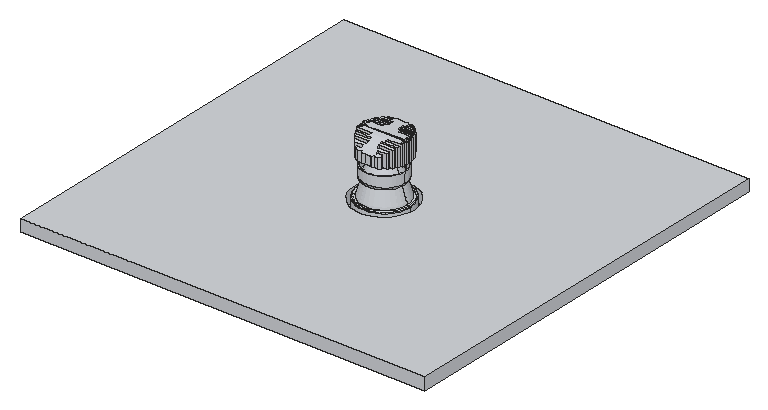
Revit family "VP-X100", category Lighting Fixtures, Revit 2014
Parameters (values of type "VP X100")
  Wattage Comments = "19.5"
  Wattage = 8.3 W
  built-in parameter 1150110 = 1 (stored number, unit not read)
  Type Comments = "Recessed"
  Type = "VP X100"
  built-in parameter 1114217 = 1 (stored number, unit not read)
  Tilt Angle = 90.00°
  built-in parameter 1150109 = 1 (stored number, unit not read)
  built-in parameter 1150134 = (empty or 0)
  built-in parameter 1150113 = 1 (stored number, unit not read)
  Photometric Web File = "C2808-XTM.ies"
  O/A Diameter (mm) = "100"
  Model = "VP X100"
  Manufacturer = "Designed Architectural Lighting"
  Luminous flux of luminaire (lm) = "Up to 2000 lumens"
  Lumens = 1049.95 lm
  built-in parameter 1150115 = 1 (stored number, unit not read)
  built-in parameter 1150105 = 83.552 (stored number, unit not read)
  built-in parameter 1150137 = (empty or 0)
  built-in parameter 1150139 = (empty or 0)
  built-in parameter 1150112 = 1 (stored number, unit not read)
  built-in parameter 1150114 = 1 (stored number, unit not read)
  Lamp = "LED"
  built-in parameter 1150132 = (empty or 0)
  built-in parameter 1150102 = (empty or 0)
  built-in parameter 1150138 = (empty or 0)
  built-in parameter 1150107 = 3000 (stored number, unit not read)
  built-in parameter 1150106 = 0.83552 (stored number, unit not read)
  Height (mm) = "112"
  built-in parameter 1150104 = 11.752 (stored number, unit not read)
  Dimming Lamp Color Temperature Shift = <None>
  Description = "Recessed LED downlighter"
  Cut Out (mm) = "90"
  Colour temperature (K) = "2700 / 3500 / 3000 / 4000"
  Color Filter = 16777215
  CRI = "80"
  built-in parameter 1114218 = 1 (stored number, unit not read)
  built-in parameter 1150133 = 10 (stored number, unit not read)
  Apparent Load = 19.5 VA
  Aperture (mm) = "68"
Reference planes
  plane 1 "Light Source Axis (F/B)": y = 0
  plane 2: z = 0
  plane 3 "Light Source Axis (L/R)": x = 0
  plane 4 "Light Source Elevation": z = 0
Forms (mm)
  Extrusion 1, solid
    sketch origin (-38.915, -66.181, 0) x (1, 0, 0) y (0, 1, 0)
      loop
        line (-261.085, 366.181) -> (-261.085, -233.819) -> (338.915, -233.819) -> (338.915, 366.181) -> (-261.085, 366.181)
      loop
        circle (38.915, 66.181) r 45
    from 0 to 18
  Extrusion 2, solid
    sketch origin (-134.655, 0, 0) x (1, 0, 0) y (0, 1, 0)
      loop
        line (137.741, 33.016) -> (133.896, 33.016) -> (128.121, 33.016) -> (126.853, 31.748) -> (121.853, 31.748) -> (117.155, 30.037) -> (117.155, 29.216) -> (124.321, 29.216) -> (124.321, 26.255) -> (112.585, 26.255) -> (110.97, 24.64) -> (110.97, 23.63) -> (128.13, 23.63) -> (128.13, 20.669) -> (107.74, 20.669) -> (106.495, 19.424) -> (106.495, 18.381) -> (128.13, 18.381) -> (128.13, 15.488) -> (104.981, 15.488) -> (104.106, 15.488) -> (104.106, 12.46) -> (123.689, 12.46) -> (123.689, 9.633) -> (102.761, 9.633) -> (101.818, 9.633) -> (101.818, 7.413) -> (106.495, 7.413) -> (106.495, 4.25) -> (100.944, 4.25) -> (100.944, 1.424) -> (105.944, 1.424) -> (105.944, -1.604) -> (100.944, -1.604) -> (100.944, -3.997) -> (105.944, -3.997) -> (105.944, -7.272) -> (101.818, -7.272) -> (101.818, -9.508) -> (123.689, -9.508) -> (123.689, -13.008) -> (104.106, -13.008) -> (104.106, -15.296) -> (128.13, -15.296) -> (128.13, -18.189) -> (106.495, -18.189) -> (106.495, -19.23) -> (108.15, -20.885) -> (128.13, -20.885) -> (128.13, -23.693) -> (110.958, -23.693) -> (110.958, -24.678) -> (112.459, -26.178) -> (125.077, -26.178) -> (125.077, -29.146) -> (117.128, -29.146) -> (117.128, -30.167) -> (120.985, -31.965) -> (127.151, -31.965) -> (128.408, -33.223) -> (132.466, -33.223) -> (139.171, -33.223) -> (143.228, -33.223) -> (144.486, -31.965) -> (150.652, -31.965) -> (154.509, -30.167) -> (154.509, -29.146) -> (146.56, -29.146) -> (146.56, -26.178) -> (159.178, -26.178) -> (160.679, -24.678) -> (160.679, -23.693) -> (143.507, -23.693) -> (143.507, -20.885) -> (163.487, -20.885) -> (165.142, -19.23) -> (165.142, -18.189) -> (143.507, -18.189) -> (143.507, -15.296) -> (167.53, -15.296) -> (167.53, -13.008) -> (147.948, -13.008) -> (147.948, -9.508) -> (169.818, -9.508) -> (169.818, -7.272) -> (165.693, -7.272) -> (165.693, -3.997) -> (170.693, -3.997) -> (170.693, -1.604) -> (165.693, -1.604) -> (165.693, 1.424) -> (170.693, 1.424) -> (170.693, 4.25) -> (165.142, 4.25) -> (165.142, 7.413) -> (169.818, 7.413) -> (169.818, 9.633) -> (168.876, 9.633) -> (147.948, 9.633) -> (147.948, 12.46) -> (167.53, 12.46) -> (167.53, 15.488) -> (166.656, 15.488) -> (143.507, 15.488) -> (143.507, 18.381) -> (165.142, 18.381) -> (165.142, 19.424) -> (163.897, 20.669) -> (143.507, 20.669) -> (143.507, 23.63) -> (160.667, 23.63) -> (160.667, 24.64) -> (159.052, 26.255) -> (147.316, 26.255) -> (147.316, 29.216) -> (154.482, 29.216) -> (154.482, 30.037) -> (149.784, 31.748) -> (144.784, 31.748) -> (143.515, 33.016) -> (137.741, 33.016)
    from 77.326 to 107.076
  Extrusion 3, void
    sketch origin (0, 0, 42.072) x (0, 1, 0) y (0, 0, 1)
      loop
        line (-1.593, 64.492) -> (-1.593, 65.51) -> (-35.799, 65.51) -> (-35.799, 45.51)
        arc (-35.799, 45.51) -> (-20.941, 59.046) -> (-1.593, 64.492) r 43.666
    from -36.333 to 39.554
  Extrusion 4, void
    sketch origin (0, 0, 38.92) x (0, 1, 0) y (0, 0, 1)
      loop
        line (33.846, 38.172) -> (33.846, 50.633) -> (31.273, 49.433)
        arc (31.273, 49.433) -> (28.183, 45.18) -> (23.183, 43.555) r 8.507
        line (23.183, 43.555) -> (15.488, 43.555) -> (15.488, 38.172) -> (33.846, 38.172)
    from -36.333 to 36.038
  Revolve 5, solid
    sketch origin (0, 0, 0) x (1, 0, 0) y (0, 0, 1)
      loop
        line (26.682, 54.259) -> (25.195, 54.259)
        arc (25.195, 54.259) -> (18.476, 67.342) -> (14.221, 81.42) r 81.42
        line (14.221, 81.42) -> (11.905, 81.42)
        arc (11.905, 81.42) -> (16.613, 66.256) -> (24.251, 52.335) r 79.227
        line (24.251, 52.335) -> (26.682, 52.335) -> (26.682, 54.259)
      axis (0, 52.335) -> (0, 81.42)
    angle from 0 to 360
  Revolve 6, solid
    sketch origin (0, 0, 0) x (1, 0, 0) y (0, 0, 1)
      loop
        line (31.117, 64.48) -> (29.993, 64.48) -> (29.993, 48.893) -> (25.796, 48.893) -> (24.978, 48.075) -> (24.978, 47.173)
        arc (24.978, 47.173) -> (32.026, 23.143) -> (36.226, -1.545) r 214.561
        line (36.226, -1.545) -> (40.749, -1.545) -> (40.749, -0.509) -> (37.173, -0.509)
        arc (37.173, -0.509) -> (33.098, 23.845) -> (26.084, 47.52) r 202.113
        line (26.084, 47.52) -> (30.394, 47.52)
        arc (30.394, 47.52) -> (30.983, 48.431) -> (31.117, 49.508) r 2.424
        line (31.117, 49.508) -> (31.117, 64.48)
      axis (0, 64.48) -> (0, -1.545)
    angle from 0 to 360
  Revolve 7, solid
    sketch origin (0, 0, 0) x (1, 0, 0) y (0, 0, 1)
      loop
        line (50.319, 0) -> (42.596, 0) -> (42.596, 1.816) -> (38.794, 1.816) -> (38.794, 19.898) -> (38.794, 21.166) -> (37.325, 22.014) -> (34.436, 22.014) -> (34.436, 19.546) -> (37.325, 19.546) -> (37.325, 1.048) -> (38.373, 0) -> (40.772, 0) -> (40.772, -1.866) -> (50.319, -1.866) -> (50.319, 0)
      axis (0, 22.014) -> (0, -1.866)
    angle from 0 to 360
Cuts and joins
  Extrusion 3, Extrusion 4 cuts Extrusion 2
Dimensions and locks
  aligned and locked: plane 3 "Light Source Axis (L/R)" to imposter light
  aligned and locked: plane 1 "Light Source Axis (F/B)" to imposter light
  aligned and locked: plane 4 "Light Source Elevation" to imposter light
  aligned and locked: level to plane 2
